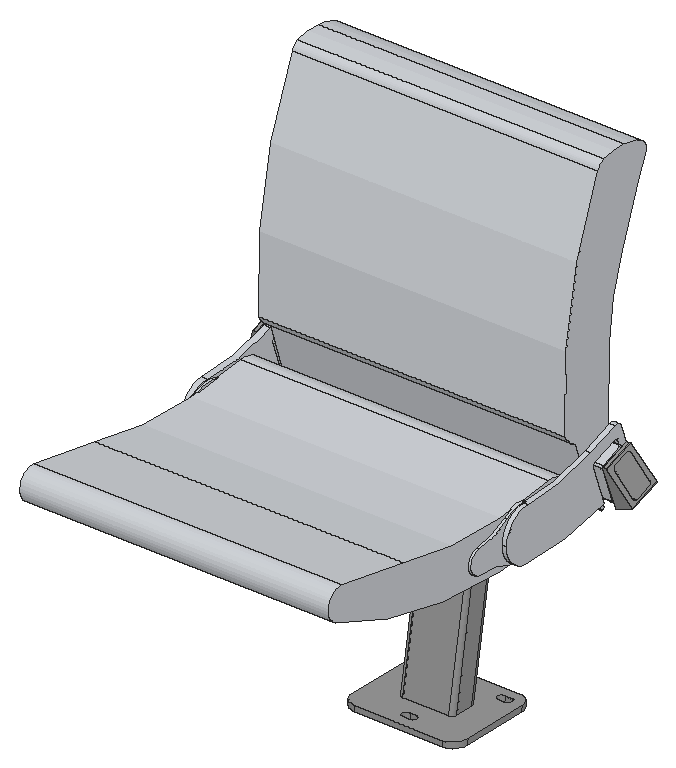
Revit family "5-ARC ONE", category Furniture Systems, Revit 2019
Family settings
  Round Connector Dimension = Use Diameter
  Part Type = Normal
  Work Plane-Based = No
  Always vertical = Yes
  Cut with Voids When Loaded = No
  Shared = No
  Room Calculation Point = No
Reference planes
  plane 1 "Center (Front/Back)": y = 0
  plane 2: z = 0
  plane 3 "Center (Left/Right)": x = 0
  plane 4 "seatcarrrier-right": x = -240
  plane 5 "seatcarier-left": x = 240
  plane 6 "Backrest": y = 105
  plane 7: z = 543.304
  plane 8 "tipup point top": z = 723.304
  plane 9 "tip up point bottom": z = 273.965
  plane 10 "Sizeline": y = -50
Forms (mm)
  Extrusion 1, solid, material "Texture Black"
    sketch origin (0, 0, 0) x (1, 0, 0) y (0, 1, 0)
      loop
        arc (-65, 70) -> (-79.142, 64.142) -> (-85, 50) r 20
        line (-85, 50) -> (-85, -50)
        arc (-85, -50) -> (-79.142, -64.142) -> (-65, -70) r 20
        line (-65, -70) -> (65, -70)
        arc (65, -70) -> (79.142, -64.142) -> (85, -50) r 20
        line (85, -50) -> (85, 50)
        arc (85, 50) -> (79.142, 64.142) -> (65, 70) r 20
        line (65, 70) -> (-65, 70)
      loop
        arc (-55, 44) -> (-49, 50) -> (-55, 56) r 6
        line (-55, 56) -> (-65, 56)
        arc (-65, 56) -> (-71, 50) -> (-65, 44) r 6
        line (-65, 44) -> (-55, 44)
      loop
        arc (55, 56) -> (49, 50) -> (55, 44) r 6
        line (55, 44) -> (65, 44)
        arc (65, 44) -> (71, 50) -> (65, 56) r 6
        line (65, 56) -> (55, 56)
      loop
        arc (5, -56) -> (11, -50) -> (5, -44) r 6
        line (5, -44) -> (-5, -44)
        arc (-5, -44) -> (-11, -50) -> (-5, -56) r 6
        line (-5, -56) -> (5, -56)
    from 0 to 8
  Sweep 2, solid, material "Texture Black"
    path origin (0, 0, 0) x (0, 1, 0) y (0, 0, 1)
      loop
        line (-0.613, 2.772) -> (53.604, 310.254)
    profile origin (0, 26.495, 156.513) x (0, -0.984808, 0.173648) y (1, 0, 0)
      loop
        arc (-14, 40) -> (-18.243, 38.243) -> (-20, 34) r 6
        line (-20, 34) -> (-20, -34)
        arc (-20, -34) -> (-18.243, -38.243) -> (-14, -40) r 6
        line (-14, -40) -> (14, -40)
        arc (14, -40) -> (18.243, -38.243) -> (20, -34) r 6
        line (20, -34) -> (20, 34)
        arc (20, 34) -> (18.243, 38.243) -> (14, 40) r 6
        line (14, 40) -> (-14, 40)
      loop
        arc (-17, -34) -> (-16.121, -36.121) -> (-14, -37) r 3
        line (-14, -37) -> (14, -37)
        arc (14, -37) -> (16.121, -36.121) -> (17, -34) r 3
        line (17, -34) -> (17, 34)
        arc (17, 34) -> (16.121, 36.121) -> (14, 37) r 3
        line (14, 37) -> (-14, 37)
        arc (-14, 37) -> (-16.121, 36.121) -> (-17, 34) r 3
        line (-17, 34) -> (-17, -34)
  Extrusion 3, void
    sketch origin (0, 0, 0) x (0, 1, 0) y (0, 0, 1)
      loop
        line (27.366, 8) -> (-20.612, 8) -> (-20.612, -1.564) -> (27.366, -1.564) -> (27.366, 8)
    from -40 to 40
  Extrusion 4, void
    sketch origin (0, 0, 0) x (0, 1, 0) y (0, 0, 1)
      loop
        line (29.898, 290.984) -> (73.299, 306.777) -> (73.57, 308.309) -> (31.728, 315.686) -> (27.448, 291.415) -> (29.898, 290.984)
    from -40 to 40
  Extrusion 5, solid, material "Texture Black"
    sketch origin (0, 29.898, 290.984) x (0, 0.939718, 0.341949) y (-1, 0, 0)
      loop
        line (43.093, -35) -> (43.093, 35)
        arc (43.093, 35) -> (41.629, 38.536) -> (38.093, 40) r 5
        line (38.093, 40) -> (8.093, 40)
        arc (8.093, 40) -> (4.557, 38.536) -> (3.093, 35) r 5
        line (3.093, 35) -> (3.093, -35)
        arc (3.093, -35) -> (4.557, -38.536) -> (8.093, -40) r 5
        line (8.093, -40) -> (38.093, -40)
        arc (38.093, -40) -> (41.629, -38.536) -> (43.093, -35) r 5
      loop
        line (40.093, -35) -> (40.093, 35)
        arc (40.093, 35) -> (39.507, 36.414) -> (38.093, 37) r 2
        line (38.093, 37) -> (8.093, 37)
        arc (8.093, 37) -> (6.679, 36.414) -> (6.093, 35) r 2
        line (6.093, 35) -> (6.093, -35)
        arc (6.093, -35) -> (6.679, -36.414) -> (8.093, -37) r 2
        line (8.093, -37) -> (38.093, -37)
        arc (38.093, -37) -> (39.507, -36.414) -> (40.093, -35) r 2
    from 0 to 40
  Extrusion 6, solid, material "Texture Black"
    sketch origin (0, 16.22, 328.572) x (0, 0.939718, 0.341949) y (-1, 0, 0)
      loop
        line (6.093, -40) -> (40.093, -40)
        arc (40.093, -40) -> (42.214, -39.121) -> (43.093, -37) r 3
        line (43.093, -37) -> (43.093, 37)
        arc (43.093, 37) -> (42.214, 39.121) -> (40.093, 40) r 3
        line (40.093, 40) -> (6.093, 40)
        arc (6.093, 40) -> (3.972, 39.121) -> (3.093, 37) r 3
        line (3.093, 37) -> (3.093, -37)
        arc (3.093, -37) -> (3.972, -39.121) -> (6.093, -40) r 3
    from 0 to 2
  Extrusion 7, void
    sketch origin (40, 32.804, 292.041) x (1, 0, 0) y (0, 0.341949, -0.939718)
      loop
        circle (-68, -31) r 4.5
      loop
        circle (-12, -31) r 4.5
    from 0 to 40
  Extrusion 8, solid
    sketch origin (-240, 61.243, 371.784) x (0, 0.939693, 0.34202) y (0, -0.34202, 0.939693)
      loop
        line (-7, 76.339) -> (-55, 76.339)
        arc (-55, 76.339) -> (-113.364, 82.071) -> (-169.497, 99.047) r 300
        arc (-169.497, 99.047) -> (-199.324, 98.697) -> (-219.708, 76.921) r 38
        arc (-219.708, 76.921) -> (-219.127, 49.429) -> (-200.151, 29.527) r 38
        arc (-200.151, 29.527) -> (-131.309, 5.586) -> (-59, -3.579) r 350
        line (-59, -3.579) -> (-59, 55.339)
        arc (-59, 55.339) -> (-57.536, 58.874) -> (-54, 60.339) r 5
        line (-54, 60.339) -> (-15, 60.339)
        arc (-15, 60.339) -> (-11.464, 58.874) -> (-10, 55.339) r 5
        line (-10, 55.339) -> (-10, -3.661) -> (-7, -3.661)
        arc (-7, -3.661) -> (-1.343, -1.318) -> (1, 4.339) r 8
        line (1, 4.339) -> (1, 68.339)
        arc (1, 68.339) -> (-1.343, 73.996) -> (-7, 76.339) r 8
    from 0 to 8
  Extrusion 9, solid
    sketch origin (-240, 61.243, 371.784) x (0, 0.939693, 0.34202) y (0, -0.34202, 0.939693)
      loop
        arc (-9.5, 53.339) -> (-11.55, 58.288) -> (-16.5, 60.339) r 7
        line (-16.5, 60.339) -> (-51.5, 60.339)
        arc (-51.5, 60.339) -> (-56.45, 58.288) -> (-58.5, 53.339) r 7
        line (-58.5, 53.339) -> (-58.5, -19.661) -> (-54.5, -19.661) -> (-54.5, 53.339)
        arc (-54.5, 53.339) -> (-53.621, 55.46) -> (-51.5, 56.339) r 3
        line (-51.5, 56.339) -> (-16.5, 56.339)
        arc (-16.5, 56.339) -> (-14.379, 55.46) -> (-13.5, 53.339) r 3
        line (-13.5, 53.339) -> (-13.5, -19.661) -> (-9.5, -19.661) -> (-9.5, 53.339)
    from 8 to 88
  Extrusion 10, solid
    sketch origin (-226.5, 61.243, 371.784) x (0, -0.939693, -0.34202) y (0, -0.34202, 0.939693)
      loop
        line (17.5, 60.339) -> (50.5, 60.339) -> (46.059, 76.911) -> (31.397, 131.633)
        arc (31.397, 131.633) -> (29.611, 134.305) -> (26.567, 135.339) r 5
        line (26.567, 135.339) -> (15.862, 135.339)
        arc (15.862, 135.339) -> (12.358, 133.905) -> (10.863, 130.426) r 5
        line (10.863, 130.426) -> (9.918, 76.289) -> (9.867, 73.388)
        arc (9.867, 73.388) -> (10.68, 71.282) -> (12.729, 70.339) r 3
        arc (12.729, 70.339) -> (16.116, 68.797) -> (17.5, 65.344) r 5
        line (17.5, 65.344) -> (17.5, 64.339) -> (17.5, 62.778) -> (17.5, 60.339)
    from -10.5 to -6.5
  Extrusion 11, solid
    sketch origin (240, 61.243, 371.784) x (0, 0.939693, 0.34202) y (0, -0.34202, 0.939693)
      loop
        arc (-169.497, 99.047) -> (-199.324, 98.697) -> (-219.708, 76.921) r 38
        arc (-219.708, 76.921) -> (-219.127, 49.429) -> (-200.151, 29.527) r 38
        arc (-200.151, 29.527) -> (-131.309, 5.586) -> (-59, -3.579) r 350
        line (-59, -3.579) -> (-59, 55.339)
        arc (-59, 55.339) -> (-57.536, 58.874) -> (-54, 60.339) r 5
        line (-54, 60.339) -> (-15, 60.339)
        arc (-15, 60.339) -> (-11.464, 58.874) -> (-10, 55.339) r 5
        line (-10, 55.339) -> (-10, -3.661) -> (-7, -3.661)
        arc (-7, -3.661) -> (-1.343, -1.318) -> (1, 4.339) r 8
        line (1, 4.339) -> (1, 68.339)
        arc (1, 68.339) -> (-1.343, 73.996) -> (-7, 76.339) r 8
        line (-7, 76.339) -> (-55, 76.339)
        arc (-55, 76.339) -> (-113.364, 82.071) -> (-169.497, 99.047) r 300
    from 0 to -8
  Extrusion 12, solid
    sketch origin (240, 61.243, 371.784) x (0, 0.939693, 0.34202) y (0, 0.34202, -0.939693)
      loop
        line (-9.5, -53.339) -> (-9.5, 19.661) -> (-13.5, 19.661) -> (-13.5, -53.339)
        arc (-13.5, -53.339) -> (-14.379, -55.46) -> (-16.5, -56.339) r 3
        line (-16.5, -56.339) -> (-51.5, -56.339)
        arc (-51.5, -56.339) -> (-53.621, -55.46) -> (-54.5, -53.339) r 3
        line (-54.5, -53.339) -> (-54.5, 19.661) -> (-58.5, 19.661) -> (-58.5, -53.339)
        arc (-58.5, -53.339) -> (-56.45, -58.288) -> (-51.5, -60.339) r 7
        line (-51.5, -60.339) -> (-16.5, -60.339)
        arc (-16.5, -60.339) -> (-11.55, -58.288) -> (-9.5, -53.339) r 7
    from 8 to 88
  Extrusion 13, solid
    sketch origin (226.5, 61.243, 371.784) x (0, -0.939693, -0.34202) y (0, 0.34202, -0.939693)
      loop
        line (15.862, -135.339) -> (26.567, -135.339)
        arc (26.567, -135.339) -> (29.611, -134.305) -> (31.397, -131.633) r 5
        line (31.397, -131.633) -> (49.428, -64.339) -> (49.428, -60.339) -> (17.5, -60.339) -> (17.5, -65.344)
        arc (17.5, -65.344) -> (16.116, -68.797) -> (12.729, -70.339) r 5
        arc (12.729, -70.339) -> (10.68, -71.282) -> (9.867, -73.388) r 3
        line (9.867, -73.388) -> (9.918, -76.289) -> (10.863, -130.426)
        arc (10.863, -130.426) -> (12.358, -133.905) -> (15.862, -135.339) r 5
    from -10.5 to -6.5
  Extrusion 14, solid
    sketch origin (0, 0, 0) x (0, 1, 0) y (0, 0, 1)
      loop
        line (-4.924, 404.463) -> (13.545, 353.719) -> (45.494, 365.348) -> (27.025, 416.091) -> (-4.924, 404.463)
      loop
        arc (29.844, 417.118) -> (28.293, 418.81) -> (25.999, 418.911) r 3
        line (25.999, 418.911) -> (-5.95, 407.282)
        arc (-5.95, 407.282) -> (-7.643, 405.731) -> (-7.743, 403.437) r 3
        line (-7.743, 403.437) -> (10.726, 352.693)
        arc (10.726, 352.693) -> (12.277, 351) -> (14.571, 350.9) r 3
        line (14.571, 350.9) -> (46.52, 362.529)
        arc (46.52, 362.529) -> (48.213, 364.08) -> (48.313, 366.374) r 3
        line (48.313, 366.374) -> (29.844, 417.118)
    from -250 to 250
  Extrusion 15, solid
    sketch origin (0, 0, 0) x (0, 1, 0) y (0, 0, 1)
      loop
        line (30.314, 417.289) -> (64.516, 323.319) -> (68.275, 324.687) -> (34.073, 418.657)
        arc (34.073, 418.657) -> (30.453, 422.607) -> (25.101, 422.84) r 7
        line (25.101, 422.84) -> (-7.788, 410.87)
        arc (-7.788, 410.87) -> (-11.738, 407.25) -> (-11.972, 401.898) r 7
        line (-11.972, 401.898) -> (22.23, 307.928) -> (25.989, 309.296) -> (-8.213, 403.266)
        arc (-8.213, 403.266) -> (-8.113, 405.56) -> (-6.42, 407.111) r 3
        line (-6.42, 407.111) -> (26.469, 419.082)
        arc (26.469, 419.082) -> (28.763, 418.981) -> (30.314, 417.289) r 3
    from -40 to 40
  Extrusion 16, solid
    sketch origin (232, 61.243, 371.784) x (0, -0.939693, -0.34202) y (0, -0.34202, 0.939693)
      loop
        arc (252.722, 101.839) -> (225.659, 98.438) -> (198.462, 100.514) r 135.782
        arc (198.462, 100.514) -> (173.603, 100.237) -> (152.37, 87.309) r 46.959
        arc (152.37, 87.309) -> (130.423, 71.104) -> (105.639, 59.701) r 133.434
        arc (105.639, 59.701) -> (93.764, 38.085) -> (115.284, 26.036) r 17.51
        arc (115.284, 26.036) -> (142.347, 29.437) -> (169.544, 27.361) r 135.782
        arc (169.544, 27.361) -> (194.313, 27.95) -> (215.636, 40.566) r 49.065
        arc (215.636, 40.566) -> (237.583, 56.771) -> (262.367, 68.174) r 133.434
        arc (262.367, 68.174) -> (274.242, 89.79) -> (252.722, 101.839) r 17.51
      loop
        circle (184.005, 63.931) r 3.193
    from 0 to 5
  Extrusion 17, solid
    sketch origin (-232, 61.243, 371.784) x (0, 0.939693, 0.34202) y (0, -0.34202, 0.939693)
      loop
        arc (-252.722, 101.839) -> (-274.242, 89.79) -> (-262.367, 68.174) r 17.51
        arc (-262.367, 68.174) -> (-237.583, 56.771) -> (-215.636, 40.566) r 133.434
        arc (-215.636, 40.566) -> (-194.313, 27.95) -> (-169.544, 27.361) r 49.065
        arc (-169.544, 27.361) -> (-142.347, 29.437) -> (-115.284, 26.036) r 135.782
        arc (-115.284, 26.036) -> (-93.764, 38.085) -> (-105.639, 59.701) r 17.51
        arc (-105.639, 59.701) -> (-130.423, 71.104) -> (-152.37, 87.309) r 133.434
        arc (-152.37, 87.309) -> (-173.603, 100.237) -> (-198.462, 100.514) r 46.959
        arc (-198.462, 100.514) -> (-225.659, 98.438) -> (-252.722, 101.839) r 135.782
      loop
        circle (-184.005, 63.931) r 3.193
    from 0 to 5
  Extrusion 18, solid
    sketch origin (0, 0, 0) x (0, 1, 0) y (0, 0, 1)
      loop
        arc (-470.726, 396.519) -> (-272.251, 336.244) -> (-64.897, 341.659) r 649.08
        arc (-64.897, 341.659) -> (-36.977, 382.414) -> (-77.668, 410.427) r 34.972
        arc (-77.668, 410.427) -> (-211.991, 400.789) -> (-345.234, 420.335) r 621.007
        arc (-345.234, 420.335) -> (-401.475, 432.519) -> (-458.522, 440.081) r 705.7
        arc (-458.522, 440.081) -> (-482.759, 423.381) -> (-470.726, 396.519) r 23
    from -227 to 227
  Extrusion 19, solid
    sketch origin (0, 0, 0) x (0, 1, 0) y (0, 0, 1)
      loop
        arc (-25.078, 434.429) -> (-13.716, 393.601) -> (1.515, 354.053) r 440.818
        arc (1.515, 354.053) -> (2.243, 352.229) -> (4.181, 351.908) r 2
        line (4.181, 351.908) -> (6.091, 352.603)
        arc (6.091, 352.603) -> (7.773, 354.13) -> (7.902, 356.399) r 3
        line (7.902, 356.399) -> (-8.251, 403.308)
        arc (-8.251, 403.308) -> (-8.122, 405.576) -> (-6.44, 407.104) r 3
        line (-6.44, 407.104) -> (26.489, 419.089)
        arc (26.489, 419.089) -> (28.759, 419) -> (30.316, 417.345) r 3
        line (30.316, 417.345) -> (48.077, 371.074)
        arc (48.077, 371.074) -> (49.634, 369.419) -> (51.904, 369.33) r 3
        line (51.904, 369.33) -> (54.683, 370.342)
        arc (54.683, 370.342) -> (55.506, 371.457) -> (55.362, 372.835) r 1.917
        line (55.362, 372.835) -> (42.483, 408.415)
        arc (42.483, 408.415) -> (37.14, 420.524) -> (33.127, 433.137) r 123.225
        arc (33.127, 433.137) -> (31.452, 488.237) -> (33.999, 543.304) r 720.023
        arc (33.999, 543.304) -> (42.749, 598.91) -> (59.092, 652.776) r 406.765
        line (59.092, 652.776) -> (89.874, 737.348) -> (100.894, 761.173)
        arc (100.894, 761.173) -> (102.008, 763.889) -> (102.878, 766.692) r 33.301
        arc (102.878, 766.692) -> (101.685, 774.851) -> (97.249, 781.802) r 19.641
        arc (97.249, 781.802) -> (80.692, 788.838) -> (62.966, 791.906) r 78.2
        arc (62.966, 791.906) -> (44.351, 791.305) -> (25.979, 788.25) r 140.695
        arc (25.979, 788.25) -> (19.169, 784.472) -> (15.345, 777.689) r 14.313
        arc (15.345, 777.689) -> (-37.034, 620.114) -> (-45.864, 454.296) r 622.1
        arc (-45.864, 454.296) -> (-37.26, 442.49) -> (-25.078, 434.429) r 41.197
    from -225 to 225
Cuts and joins
  Extrusion 3, Extrusion 4 cuts Sweep 2
  Extrusion 7 cuts Extrusion 5
Lines and regions (mm)
  model lines, style "Seat tipped up"
    curve 1: arc (240, -119.94, 701.337) -> (240, -117.473, 643.845) -> (240, -119.697, 586.342) r 705.7
    curve 2: arc (240, -119.697, 586.342) -> (240, -115.789, 451.73) -> (240, -82.953, 321.126) r 621.007
    curve 3: arc (240, -82.953, 321.126) -> (240, -103.468, 276.186) -> (240, -148.455, 296.597) r 34.972
    curve 4: arc (240, -148.455, 296.597) -> (240, -189.824, 499.855) -> (240, -164.961, 705.785) r 649.08
    curve 5: arc (240, -164.961, 705.785) -> (240, -140.599, 722.304) -> (240, -119.94, 701.337) r 23
    curve 6: arc (-240, -119.94, 701.337) -> (-240, -117.473, 643.845) -> (-240, -119.697, 586.342) r 705.7
    curve 7: arc (-240, -119.697, 586.342) -> (-240, -115.789, 451.73) -> (-240, -82.953, 321.126) r 621.007
    curve 8: arc (-240, -82.953, 321.126) -> (-240, -103.468, 276.186) -> (-240, -148.455, 296.597) r 34.972
    curve 9: arc (-240, -148.455, 296.597) -> (-240, -189.824, 499.855) -> (-240, -164.961, 705.785) r 649.08
    curve 10: arc (-240, -164.961, 705.785) -> (-240, -140.599, 722.304) -> (-240, -119.94, 701.337) r 23
    curve 11: line (-244.163, -142.014, 723.304) -> (240, -142.014, 723.304)
    curve 12: line (-240, -116.633, 273.965) -> (240, -116.633, 273.965)
Dimensions and locks
  equal spacing: plane 5 "seatcarier-left", plane 3 "Center (Left/Right)", plane 4 "seatcarrrier-right"
  plane 5 "seatcarier-left" to plane 4 "seatcarrrier-right" = 480 mm
  Extrusion 19 to level = 792.029 mm
  plane 6 "Backrest" to plane 10 "Sizeline" = 155 mm
  aligned and locked: level to plane 2
  aligned and locked: Extrusion 4 to Sweep 2
  aligned and locked: Sweep 2 to Extrusion 4
  aligned and locked: Extrusion 12 to Extrusion 11
Automatic sketch dimensions
  Extrusion 1 sketch curve to Extrusion 1 sketch curve = 0 mm  (x4)
  Extrusion 1 sketch curve to plane 3 "Center (Left/Right)" = 85 mm
  Extrusion 1 sketch curve to Extrusion 1 sketch curve = 20 mm  (x3)
  Extrusion 1 sketch curve to Extrusion 1 sketch curve = 10 mm  (x2)
  Extrusion 1 sketch curve to plane 3 "Center (Left/Right)" = 5 mm
  plane 3 "Center (Left/Right)" to Extrusion 1 sketch curve = 5 mm
  plane 3 "Center (Left/Right)" to Extrusion 1 sketch curve = 55 mm
  Extrusion 1 sketch curve to Extrusion 1 sketch curve = 60 mm
  plane 1 "Center (Front/Back)" to Extrusion 1 sketch curve = 70 mm
  plane 1 "Center (Front/Back)" to Extrusion 1 sketch curve = 56 mm
  Extrusion 1 sketch curve to Extrusion 1 sketch curve = 6 mm  (x2)
  Extrusion 1 sketch curve to plane 1 "Center (Front/Back)" = 44 mm  (x2)
  plane 1 "Center (Front/Back)" to Sweep 2 sketch curve = 0.613 mm
  level to Sweep 2 sketch curve = 2.772 mm
  Sweep 2 sketch curve to plane 1 "Center (Front/Back)" = 53.604 mm
  Sweep 2 sketch curve to plane 7 = 233.05 mm
  level to Extrusion 3 sketch curve = 8 mm
  plane 1 "Center (Front/Back)" to Extrusion 3 sketch curve = 20.612 mm
  Extrusion 3 sketch curve to level = 1.564 mm
  Extrusion 3 sketch curve to plane 1 "Center (Front/Back)" = 27.366 mm
  Extrusion 4 sketch curve to plane 1 "Center (Front/Back)" = 27.448 mm
  Extrusion 4 sketch curve to Extrusion 4 sketch curve = 2.45 mm
  Extrusion 4 sketch curve to Extrusion 4 sketch curve = 4.28 mm
  Extrusion 4 sketch curve to Extrusion 4 sketch curve = 41.572 mm
  Extrusion 4 sketch curve to Extrusion 4 sketch curve = 0.27 mm
  Extrusion 4 sketch curve to plane 7 = 252.321 mm
  Extrusion 4 sketch curve to Extrusion 4 sketch curve = 0.432 mm
  Extrusion 8 sketch curve to Extrusion 8 sketch curve = 0 mm  (x3)
  plane 1 "Center (Front/Back)" to Extrusion 8 sketch curve = 133.524 mm
  Extrusion 8 sketch curve to plane 7 = 174.383 mm
  Extrusion 8 sketch curve to Extrusion 8 sketch curve = 125 mm
  Extrusion 8 sketch curve to Extrusion 8 sketch curve = 4 mm
  Extrusion 8 sketch curve to Extrusion 8 sketch curve = 5 mm
  Extrusion 8 sketch curve to Extrusion 8 sketch curve = 3.612 mm
  Extrusion 8 sketch curve to Extrusion 8 sketch curve = 39 mm
  Extrusion 8 sketch curve to Extrusion 8 sketch curve = 49 mm
  Extrusion 8 sketch curve to Extrusion 8 sketch curve = 3 mm
  Extrusion 8 sketch curve to Extrusion 8 sketch curve = 8 mm  (x3)
  Extrusion 8 sketch curve to Extrusion 8 sketch curve = 3.585 mm
  Extrusion 8 sketch curve to Extrusion 8 sketch curve = 51 mm
  Extrusion 8 sketch curve to Extrusion 8 sketch curve = 0.083 mm
  Extrusion 8 sketch curve to Extrusion 8 sketch curve = 270 mm
  Extrusion 8 sketch curve to Extrusion 8 sketch curve = 30 mm
  Extrusion 8 sketch curve to Extrusion 8 sketch curve = 35.708 mm
  Extrusion 9 sketch curve to Extrusion 9 sketch curve = 0 mm  (x5)
  Extrusion 9 sketch curve to plane 1 "Center (Front/Back)" = 12.995 mm
  Extrusion 9 sketch curve to plane 7 = 210.004 mm
  Extrusion 9 sketch curve to Extrusion 9 sketch curve = 4 mm
  Extrusion 9 sketch curve to Extrusion 9 sketch curve = 3 mm
  Extrusion 9 sketch curve to Extrusion 9 sketch curve = 35 mm
  Extrusion 9 sketch curve to Extrusion 9 sketch curve = 41 mm
  Extrusion 9 sketch curve to Extrusion 9 sketch curve = 73 mm
  Extrusion 10 sketch curve to plane 1 "Center (Front/Back)" = 26.87 mm
  Extrusion 10 sketch curve to plane 7 = 105.933 mm
  Extrusion 10 sketch curve to Extrusion 10 sketch curve = 0.051 mm
  Extrusion 10 sketch curve to Extrusion 10 sketch curve = 0.945 mm
  Extrusion 10 sketch curve to Extrusion 10 sketch curve = 2.633 mm
  Extrusion 10 sketch curve to Extrusion 10 sketch curve = 3 mm
  Extrusion 10 sketch curve to Extrusion 10 sketch curve = 4.999 mm
  Extrusion 10 sketch curve to Extrusion 10 sketch curve = 5 mm  (x2)
  Extrusion 10 sketch curve to Extrusion 10 sketch curve = 0 mm  (x4)
  Extrusion 10 sketch curve to Extrusion 10 sketch curve = 10.705 mm
  Extrusion 10 sketch curve to Extrusion 10 sketch curve = 4.83 mm
  Extrusion 10 sketch curve to Extrusion 10 sketch curve = 28.559 mm
  Extrusion 10 sketch curve to Extrusion 10 sketch curve = 4.441 mm
  Extrusion 10 sketch curve to Extrusion 10 sketch curve = 0.052 mm
  Extrusion 10 sketch curve to Extrusion 10 sketch curve = 7.992 mm
  Extrusion 10 sketch curve to Extrusion 10 sketch curve = 2.566 mm
  Extrusion 10 sketch curve to Extrusion 10 sketch curve = 2.439 mm
  Extrusion 10 sketch curve to Extrusion 10 sketch curve = 2.901 mm
  Extrusion 10 sketch curve to Extrusion 10 sketch curve = 16.572 mm
  Extrusion 10 sketch curve to Extrusion 10 sketch curve = 54.049 mm
  Extrusion 10 sketch curve to Extrusion 10 sketch curve = 0.087 mm
  Extrusion 10 sketch curve to Extrusion 10 sketch curve = 1.005 mm
  Extrusion 11 sketch curve to Extrusion 11 sketch curve = 0 mm  (x3)
  plane 1 "Center (Front/Back)" to Extrusion 11 sketch curve = 133.524 mm
  Extrusion 11 sketch curve to plane 7 = 174.383 mm
  Extrusion 11 sketch curve to Extrusion 11 sketch curve = 125 mm
  Extrusion 11 sketch curve to Extrusion 11 sketch curve = 4 mm
  Extrusion 11 sketch curve to Extrusion 11 sketch curve = 5 mm  (x2)
  Extrusion 11 sketch curve to Extrusion 11 sketch curve = 3.612 mm
  Extrusion 11 sketch curve to Extrusion 11 sketch curve = 39 mm
  Extrusion 11 sketch curve to Extrusion 11 sketch curve = 3 mm
  Extrusion 11 sketch curve to Extrusion 11 sketch curve = 8 mm  (x3)
  Extrusion 11 sketch curve to Extrusion 11 sketch curve = 3.585 mm
  Extrusion 11 sketch curve to Extrusion 11 sketch curve = 51 mm
  Extrusion 11 sketch curve to Extrusion 11 sketch curve = 0.083 mm
  Extrusion 11 sketch curve to Extrusion 11 sketch curve = 270 mm
  Extrusion 11 sketch curve to Extrusion 11 sketch curve = 30 mm
  Extrusion 11 sketch curve to Extrusion 11 sketch curve = 35.708 mm
  Extrusion 12 sketch curve to Extrusion 12 sketch curve = 0 mm  (x5)
  Extrusion 12 sketch curve to plane 1 "Center (Front/Back)" = 12.995 mm
  Extrusion 12 sketch curve to plane 7 = 210.004 mm
  Extrusion 12 sketch curve to Extrusion 12 sketch curve = 4 mm
  Extrusion 12 sketch curve to Extrusion 12 sketch curve = 3 mm
  Extrusion 12 sketch curve to Extrusion 12 sketch curve = 35 mm
  Extrusion 12 sketch curve to Extrusion 12 sketch curve = 41 mm
  Extrusion 12 sketch curve to Extrusion 12 sketch curve = 73 mm
  Extrusion 13 sketch curve to plane 1 "Center (Front/Back)" = 26.87 mm
  Extrusion 13 sketch curve to plane 7 = 105.933 mm
  Extrusion 13 sketch curve to Extrusion 13 sketch curve = 0.051 mm
  Extrusion 13 sketch curve to Extrusion 13 sketch curve = 0.945 mm
  Extrusion 13 sketch curve to Extrusion 13 sketch curve = 2.633 mm
  Extrusion 13 sketch curve to Extrusion 13 sketch curve = 3 mm
  Extrusion 13 sketch curve to Extrusion 13 sketch curve = 4.999 mm
  Extrusion 13 sketch curve to Extrusion 13 sketch curve = 5 mm
  Extrusion 13 sketch curve to Extrusion 13 sketch curve = 10.705 mm
  Extrusion 13 sketch curve to Extrusion 13 sketch curve = 4.83 mm
  Extrusion 13 sketch curve to Extrusion 13 sketch curve = 31.928 mm
  Extrusion 13 sketch curve to Extrusion 13 sketch curve = 2.901 mm
  Extrusion 13 sketch curve to Extrusion 13 sketch curve = 54.049 mm
  Extrusion 13 sketch curve to Extrusion 13 sketch curve = 0 mm
  Extrusion 13 sketch curve to Extrusion 13 sketch curve = 0.087 mm
  Extrusion 13 sketch curve to Extrusion 13 sketch curve = 0.052 mm
  Extrusion 13 sketch curve to Extrusion 13 sketch curve = 7.992 mm
  Extrusion 13 sketch curve to Extrusion 13 sketch curve = 1.005 mm
  Extrusion 13 sketch curve to Extrusion 13 sketch curve = 4 mm
  plane 1 "Center (Front/Back)" to Extrusion 14 sketch curve = 7.743 mm
  Extrusion 14 sketch curve to Extrusion 14 sketch curve = 1.793 mm  (x2)
  Extrusion 14 sketch curve to Extrusion 14 sketch curve = 2.819 mm  (x5)
  Extrusion 14 sketch curve to Extrusion 14 sketch curve = 0 mm  (x8)
  Extrusion 14 sketch curve to plane 1 "Center (Front/Back)" = 10.726 mm
  Extrusion 14 sketch curve to Extrusion 14 sketch curve = 1.026 mm  (x5)
  Extrusion 14 sketch curve to plane 1 "Center (Front/Back)" = 25.999 mm
  Extrusion 14 sketch curve to plane 7 = 192.404 mm
  Extrusion 14 sketch curve to Extrusion 14 sketch curve = 11.629 mm
  Extrusion 15 sketch curve to Extrusion 15 sketch curve = 0 mm  (x4)
  plane 1 "Center (Front/Back)" to Extrusion 15 sketch curve = 11.972 mm
  Extrusion 15 sketch curve to Extrusion 15 sketch curve = 3.759 mm  (x4)
  Extrusion 15 sketch curve to Extrusion 15 sketch curve = 0.425 mm
  Extrusion 15 sketch curve to Extrusion 15 sketch curve = 1.368 mm  (x4)
  Extrusion 15 sketch curve to Extrusion 15 sketch curve = 1.026 mm  (x4)
  Extrusion 15 sketch curve to plane 1 "Center (Front/Back)" = 22.23 mm
  Extrusion 15 sketch curve to plane 1 "Center (Front/Back)" = 25.101 mm
  Extrusion 15 sketch curve to Extrusion 15 sketch curve = 2.819 mm
  Extrusion 15 sketch curve to Extrusion 15 sketch curve = 38.527 mm
  Extrusion 15 sketch curve to plane 7 = 235.376 mm
  Extrusion 15 sketch curve to Extrusion 15 sketch curve = 14.023 mm
  Extrusion 8 to Extrusion 17 sketch curve = 54.451 mm
  Extrusion 17 sketch curve to Extrusion 8 = 246.454 mm
  Extrusion 8 to Extrusion 17 sketch curve = 8.629 mm
  Extrusion 17 sketch curve to Extrusion 17 sketch curve = 48.045 mm
  Extrusion 17 sketch curve to Extrusion 17 sketch curve = 35.065 mm
  Extrusion 8 to Extrusion 17 sketch curve = 5.244 mm
  Extrusion 17 sketch curve to Extrusion 17 sketch curve = 70.873 mm
  Extrusion 17 sketch curve to Extrusion 8 = 3.592 mm
  Extrusion 17 sketch curve to Extrusion 17 sketch curve = 2.532 mm
  Extrusion 17 sketch curve to Extrusion 8 = 1.221 mm
  Extrusion 17 sketch curve to Extrusion 17 sketch curve = 3.205 mm
  Extrusion 17 sketch curve to Extrusion 8 = 86.662 mm
  Extrusion 8 to Extrusion 17 sketch curve = 17.431 mm
  Extrusion 17 sketch curve to Extrusion 8 = 51.597 mm
  Extrusion 17 sketch curve to Extrusion 8 = 3.552 mm
  Extrusion 8 to Extrusion 17 sketch curve = 102.643 mm
  Extrusion 17 sketch curve to Extrusion 8 = 125.649 mm
  Extrusion 17 sketch curve to Extrusion 17 sketch curve = 149.212 mm
  Extrusion 17 sketch curve to Extrusion 8 = 7.835 mm
  Extrusion 17 sketch curve to Extrusion 17 sketch curve = 4.958 mm
  Extrusion 17 sketch curve to Extrusion 17 sketch curve = 4.687 mm  (x2)
  Extrusion 8 to Extrusion 17 sketch curve = 19.773 mm
  Extrusion 8 to Extrusion 17 sketch curve = 24.175 mm
  Extrusion 17 sketch curve to Extrusion 8 = 31.022 mm
  Extrusion 8 to Extrusion 17 sketch curve = 10.971 mm
  plane 1 "Center (Front/Back)" to Extrusion 18 sketch curve = 522.653 mm
  Extrusion 18 sketch curve to plane 7 = 126.128 mm
  plane 1 "Center (Front/Back)" to Extrusion 18 sketch curve = 460.612 mm
  plane 1 "Center (Front/Back)" to Extrusion 18 sketch curve = 189.011 mm
  Extrusion 18 sketch curve to Extrusion 18 sketch curve = 3.712 mm
  plane 1 "Center (Front/Back)" to Extrusion 18 sketch curve = 71.361 mm
  level to Extrusion 18 sketch curve = 376.028 mm
  Extrusion 18 sketch curve to level = 262.699 mm
  Extrusion 18 sketch curve to Extrusion 18 sketch curve = 603.445 mm
  Extrusion 18 sketch curve to Extrusion 18 sketch curve = 41.897 mm
  Extrusion 18 sketch curve to Extrusion 18 sketch curve = 10.114 mm
  Extrusion 18 sketch curve to Extrusion 18 sketch curve = 2.09 mm
  Extrusion 18 sketch curve to Extrusion 18 sketch curve = 113.287 mm
  Extrusion 18 sketch curve to Extrusion 18 sketch curve = 6.307 mm
  Extrusion 18 sketch curve to Extrusion 18 sketch curve = 6.465 mm
  Extrusion 19 sketch curve to plane 7 = 0 mm
  plane 1 "Center (Front/Back)" to Extrusion 19 sketch curve = 8.795 mm
  plane 1 "Center (Front/Back)" to Extrusion 19 sketch curve = 8.251 mm
  Extrusion 19 sketch curve to Extrusion 19 sketch curve = 1.81 mm
  Extrusion 19 sketch curve to Extrusion 19 sketch curve = 1.026 mm  (x4)
  Extrusion 19 sketch curve to plane 1 "Center (Front/Back)" = 3.497 mm
  Extrusion 19 sketch curve to Extrusion 19 sketch curve = 0.684 mm
  Extrusion 19 sketch curve to Extrusion 19 sketch curve = 1.568 mm
  Extrusion 19 sketch curve to Extrusion 19 sketch curve = 1.91 mm
  Extrusion 19 sketch curve to Extrusion 19 sketch curve = 2.837 mm
  Extrusion 19 sketch curve to plane 1 "Center (Front/Back)" = 26.489 mm
  Extrusion 19 sketch curve to plane 1 "Center (Front/Back)" = 29.255 mm
  Extrusion 19 sketch curve to Extrusion 19 sketch curve = 2.801 mm  (x2)
  Extrusion 19 sketch curve to Extrusion 19 sketch curve = 12.167 mm
  Extrusion 19 sketch curve to Extrusion 19 sketch curve = 5.594 mm
  Extrusion 19 sketch curve to Extrusion 19 sketch curve = 2.779 mm
  Extrusion 19 sketch curve to Extrusion 19 sketch curve = 1.705 mm
  Extrusion 19 sketch curve to plane 1 "Center (Front/Back)" = 58.19 mm
  Extrusion 19 sketch curve to plane 1 "Center (Front/Back)" = 58.585 mm
  Extrusion 19 sketch curve to Extrusion 19 sketch curve = 0.902 mm
  Extrusion 19 sketch curve to Extrusion 19 sketch curve = 41.414 mm
  Extrusion 19 sketch curve to Extrusion 19 sketch curve = 12.611 mm
  Extrusion 19 sketch curve to Extrusion 19 sketch curve = 6.593 mm
  Extrusion 19 sketch curve to Extrusion 19 sketch curve = 17.613 mm
  Extrusion 19 sketch curve to plane 6 "Backrest" = 47.387 mm
  Extrusion 19 sketch curve to plane 7 = 11.237 mm
  Extrusion 19 sketch curve to Extrusion 19 sketch curve = 34.44 mm
  Extrusion 19 sketch curve to plane 7 = 38.881 mm
  Extrusion 19 sketch curve to Extrusion 19 sketch curve = 134.983 mm
  Extrusion 19 sketch curve to plane 7 = 60.765 mm
  Extrusion 19 sketch curve to plane 7 = 71.032 mm
  Extrusion 19 sketch curve to plane 7 = 79.163 mm
  Extrusion 19 sketch curve to Extrusion 19 sketch curve = 53.183 mm
  Extrusion 19 sketch curve to Extrusion 19 sketch curve = 1.744 mm
  Extrusion 19 sketch curve to Extrusion 19 sketch curve = 8.929 mm
  Extrusion 19 sketch curve to Extrusion 19 sketch curve = 11.985 mm
  Extrusion 19 sketch curve to Extrusion 19 sketch curve = 2.819 mm
  Extrusion 19 sketch curve to Extrusion 19 sketch curve = 35.581 mm
  Extrusion 19 sketch curve to Extrusion 19 sketch curve = 0.685 mm
  Extrusion 19 sketch curve to Extrusion 19 sketch curve = 0.874 mm
  Extrusion 19 sketch curve to Extrusion 19 sketch curve = 1.075 mm
  Extrusion 19 sketch curve to Extrusion 19 sketch curve = 14.676 mm
  Extrusion 19 sketch curve to Extrusion 19 sketch curve = 0.977 mm
  Extrusion 19 sketch curve to Extrusion 19 sketch curve = 1.635 mm
  Extrusion 19 sketch curve to Extrusion 19 sketch curve = 1.879 mm
  Extrusion 19 sketch curve to plane 7 = 35.276 mm
  plane 7 to Extrusion 19 sketch curve = 107.988 mm
  Extrusion 19 sketch curve to Extrusion 19 sketch curve = 1.484 mm
  Extrusion 19 sketch curve to Extrusion 19 sketch curve = 61.052 mm
  Extrusion 19 sketch curve to Extrusion 19 sketch curve = 23.52 mm
  Extrusion 19 sketch curve to Extrusion 19 sketch curve = 23.824 mm
  Extrusion 19 sketch curve to Extrusion 19 sketch curve = 6.821 mm
  Extrusion 19 sketch curve to Extrusion 19 sketch curve = 6.323 mm
  Extrusion 19 sketch curve to Extrusion 19 sketch curve = 7.159 mm
  plane 1 "Center (Front/Back)" to Extrusion 19 sketch curve = 25.078 mm
  Extrusion 19 sketch curve to Extrusion 19 sketch curve = 20.786 mm
  Extrusion 19 sketch curve to Extrusion 19 sketch curve = 0 mm  (x4)
  Extrusion 19 sketch curve to plane 1 "Center (Front/Back)" = 33.127 mm
  Extrusion 19 sketch curve to Extrusion 19 sketch curve = 7.704 mm
  Extrusion 19 sketch curve to Extrusion 19 sketch curve = 13.968 mm
  Sweep 2 sketch curve to Sweep 2 sketch curve = 0 mm  (x8)
  profile plane to Sweep 2 sketch curve = 20 mm
  Sweep 2 sketch curve to Sweep 2 sketch curve = 3 mm  (x4)
  Sweep 2 sketch curve to profile plane = 14 mm  (x2)
  Sweep 2 sketch curve to profile plane = 40 mm
  profile plane to Sweep 2 sketch curve = 34 mm
  Extrusion 5 sketch curve to Extrusion 5 sketch curve = 0 mm  (x8)
  Extrusion 5 sketch curve to Extrusion 4 = 0 mm  (x2)
  Extrusion 4 to Extrusion 5 sketch curve = 3.093 mm
  Extrusion 5 sketch curve to Extrusion 5 sketch curve = 3 mm
  Extrusion 5 sketch curve to Extrusion 5 sketch curve = 2 mm  (x3)
  Extrusion 4 to Extrusion 5 sketch curve = 8.093 mm  (x2)
  Extrusion 5 to Extrusion 6 sketch curve = 0 mm  (x3)
  Extrusion 6 sketch curve to Extrusion 5 = 0 mm  (x5)
  Extrusion 7 sketch curve to Extrusion 5 = 7 mm
  Extrusion 5 to Extrusion 7 sketch curve = 7 mm
  Extrusion 7 sketch curve to Extrusion 5 = 9 mm  (x2)
  Extrusion 16 sketch curve to Extrusion 11 = 3.552 mm
  Extrusion 11 to Extrusion 16 sketch curve = 17.431 mm
  Extrusion 16 sketch curve to Extrusion 11 = 51.597 mm
  Extrusion 16 sketch curve to Extrusion 11 = 86.662 mm
  Extrusion 16 sketch curve to Extrusion 11 = 1.221 mm
  Extrusion 16 sketch curve to Extrusion 16 sketch curve = 70.203 mm
  Extrusion 16 sketch curve to Extrusion 11 = 3.592 mm
  Extrusion 16 sketch curve to Extrusion 16 sketch curve = 3.205 mm
  Extrusion 11 to Extrusion 16 sketch curve = 5.244 mm
  Extrusion 16 sketch curve to Extrusion 16 sketch curve = 2.532 mm
  Extrusion 16 sketch curve to Extrusion 11 = 163.344 mm
  Extrusion 11 to Extrusion 16 sketch curve = 8.629 mm
  Extrusion 16 sketch curve to Extrusion 16 sketch curve = 73.404 mm
  Extrusion 11 to Extrusion 16 sketch curve = 54.451 mm
  Extrusion 16 sketch curve to Extrusion 16 sketch curve = 48.045 mm
  Extrusion 11 to Extrusion 16 sketch curve = 102.643 mm
  Extrusion 11 to Extrusion 16 sketch curve = 109.649 mm
  Extrusion 16 sketch curve to Extrusion 16 sketch curve = 149.212 mm
  Extrusion 11 to Extrusion 16 sketch curve = 0.637 mm
  Extrusion 16 sketch curve to Extrusion 16 sketch curve = 4.958 mm
  Extrusion 16 sketch curve to Extrusion 16 sketch curve = 4.687 mm  (x2)
  Extrusion 11 to Extrusion 16 sketch curve = 10.971 mm
  Extrusion 16 sketch curve to Extrusion 11 = 31.022 mm
  Extrusion 11 to Extrusion 16 sketch curve = 24.175 mm
  Extrusion 11 to Extrusion 16 sketch curve = 19.773 mm
  curve 11 to plane 5 "seatcarier-left" = 0 mm
  plane 1 "Center (Front/Back)" to curve 11 = 142.014 mm
  curve 11 to plane 4 "seatcarrrier-right" = 4.163 mm
  curve 12 to plane 5 "seatcarier-left" = 0 mm
  curve 12 to plane 4 "seatcarrrier-right" = 0 mm
  plane 1 "Center (Front/Back)" to curve 12 = 116.633 mm
  plane 9 "tip up point bottom" to curve 3 = 34.972 mm
  curve 4 to plane 7 = 17.288 mm
  curve 2 to plane 7 = 6.351 mm
  curve 1 to plane 8 "tipup point top" = 80.951 mm
  curve 5 to plane 8 "tipup point top" = 23.889 mm
  curve 2 to plane 6 "Backrest" = 394.343 mm
  curve 2 to curve 4 = 40.614 mm
  plane 10 "Sizeline" to curve 3 = 65.732 mm
  plane 10 "Sizeline" to curve 5 = 92.86 mm
  curve 5 to curve 1 = 680.311 mm
  plane 9 "tip up point bottom" to curve 3 = 22.633 mm
  curve 3 to curve 3 = 12.189 mm
  plane 7 to curve 1 = 43.038 mm
  curve 5 to plane 8 "tipup point top" = 21.967 mm
  curve 1 to curve 5 = 0 mm
  plane 9 "tip up point bottom" to curve 8 = 34.972 mm
  curve 9 to plane 7 = 17.288 mm
  curve 7 to plane 7 = 6.351 mm
  curve 6 to plane 8 "tipup point top" = 80.951 mm
  curve 10 to plane 8 "tipup point top" = 23.889 mm
  curve 7 to plane 6 "Backrest" = 394.343 mm
  curve 7 to curve 9 = 40.614 mm
  plane 10 "Sizeline" to curve 8 = 65.732 mm
  plane 10 "Sizeline" to curve 10 = 92.86 mm
  curve 10 to curve 6 = 680.311 mm
  plane 9 "tip up point bottom" to curve 8 = 22.633 mm
  curve 8 to curve 8 = 12.189 mm
  plane 7 to curve 6 = 43.038 mm
  curve 10 to plane 8 "tipup point top" = 21.967 mm
  curve 6 to curve 10 = 0 mm
  radius of Extrusion 17 sketch curve = 3.193 mm
  radius of Extrusion 7 sketch curve = 4.5 mm  (x2)
  radius of Extrusion 16 sketch curve = 3.193 mm
Nested families
  nested 1: "P-ECA" at (222.5, 19.943, 385.845) x (0, -0.9397, -0.342) z (1, 0, 0), type "P 324"
  nested 2: "P-ECA" at (-222.5, 19.943, 385.845) x (0, 0.9397, 0.342) z (-1, 0, 0), type "P 324"
Definition of nested family "P-ECA"
  Parameters (values of type "P 324")
    Default Elevation = 1219.2 mm
  Reference planes
    plane 1 "Center (Front/Back)": y = 0
    plane 2: z = 0
    plane 3 "Center (Left/Right)": x = 0
  Forms (mm)
    Extrusion 1, solid
      sketch origin (0, 0, 0) x (1, 0, 0) y (0, 1, 0)
        loop
          line (-17, 26) -> (-17, -26) -> (17, -26) -> (17, 26) -> (-17, 26)
        loop
          line (-15, 24) -> (-15, -24) -> (15, -24) -> (15, 24) -> (-15, 24)
      from 0 to 32
    Extrusion 2, solid
      sketch origin (0, 0, 0) x (0, 1, 0) y (0, 0, 1)
        loop
          arc (34.088, 32) -> (34.922, 32.448) -> (35.009, 33.391) r 1
          line (35.009, 33.391) -> (23.351, 60.855)
          arc (23.351, 60.855) -> (22.805, 61.392) -> (22.04, 61.385) r 1
          line (22.04, 61.385) -> (-32.431, 38.264)
          arc (-32.431, 38.264) -> (-32.879, 37.888) -> (-33.041, 37.326) r 1
          line (-33.041, 37.326) -> (-32.965, 32.983)
          arc (-32.965, 32.983) -> (-32.666, 32.287) -> (-31.965, 32) r 1
          line (-31.965, 32) -> (34.088, 32)
      from -23 to 23
    Extrusion 3, void
      sketch origin (0, -31.845, 38.512) x (0, -0.920505, -0.390731) y (-1, 0, 0)
        loop
          arc (-49.676, 16) -> (-53.212, 14.536) -> (-54.676, 11) r 5
          line (-54.676, 11) -> (-54.676, -11)
          arc (-54.676, -11) -> (-53.212, -14.536) -> (-49.676, -16) r 5
          line (-49.676, -16) -> (-7.676, -16)
          arc (-7.676, -16) -> (-4.141, -14.536) -> (-2.676, -11) r 5
          line (-2.676, -11) -> (-2.676, 11)
          arc (-2.676, 11) -> (-4.141, 14.536) -> (-7.676, 16) r 5
          line (-7.676, 16) -> (-49.676, 16)
      from 0 to 3
    Extrusion 4, void
      sketch origin (0, 35.34, 32.611) x (0, 0.390731, -0.920505) y (1, 0, 0)
        loop
          line (-26.265, 17.5) -> (-26.265, -17.5)
          arc (-26.265, -17.5) -> (-25.386, -19.621) -> (-23.265, -20.5) r 3
          line (-23.265, -20.5) -> (-8.265, -20.5)
          arc (-8.265, -20.5) -> (-6.144, -19.621) -> (-5.265, -17.5) r 3
          line (-5.265, -17.5) -> (-5.265, 17.5)
          arc (-5.265, 17.5) -> (-6.144, 19.621) -> (-8.265, 20.5) r 3
          line (-8.265, 20.5) -> (-23.265, 20.5)
          arc (-23.265, 20.5) -> (-25.386, 19.621) -> (-26.265, 17.5) r 3
      from 0 to 3
    Extrusion 5, solid
      sketch origin (0, -31.845, 38.512) x (0, 0.920505, 0.390731) y (-1, 0, 0)
        loop
          line (54.176, -11) -> (54.176, 11)
          arc (54.176, 11) -> (52.858, 14.182) -> (49.676, 15.5) r 4.5
          line (49.676, 15.5) -> (7.676, 15.5)
          arc (7.676, 15.5) -> (4.494, 14.182) -> (3.176, 11) r 4.5
          line (3.176, 11) -> (3.176, -11)
          arc (3.176, -11) -> (4.494, -14.182) -> (7.676, -15.5) r 4.5
          line (7.676, -15.5) -> (49.676, -15.5)
          arc (49.676, -15.5) -> (52.858, -14.182) -> (54.176, -11) r 4.5
      from -2 to 0.5
    Extrusion 6, solid
      sketch origin (0, 35.34, 32.611) x (0, -0.390731, 0.920505) y (1, 0, 0)
        loop
          line (23.265, 20) -> (8.265, 20)
          arc (8.265, 20) -> (6.497, 19.268) -> (5.765, 17.5) r 2.5
          line (5.765, 17.5) -> (5.765, -17.5)
          arc (5.765, -17.5) -> (6.497, -19.268) -> (8.265, -20) r 2.5
          line (8.265, -20) -> (23.265, -20)
          arc (23.265, -20) -> (25.033, -19.268) -> (25.765, -17.5) r 2.5
          line (25.765, -17.5) -> (25.765, 17.5)
          arc (25.765, 17.5) -> (25.033, 19.268) -> (23.265, 20) r 2.5
      from -2 to 0.5
  Cuts and joins
    Extrusion 3 cuts Extrusion 1
    Extrusion 3, Extrusion 4 cuts Extrusion 2
  Dimensions and locks
    Extrusion 1 to Extrusion 1 = 34 mm
    Extrusion 1 to Extrusion 1 = 52 mm
    aligned and locked: level to plane 2
